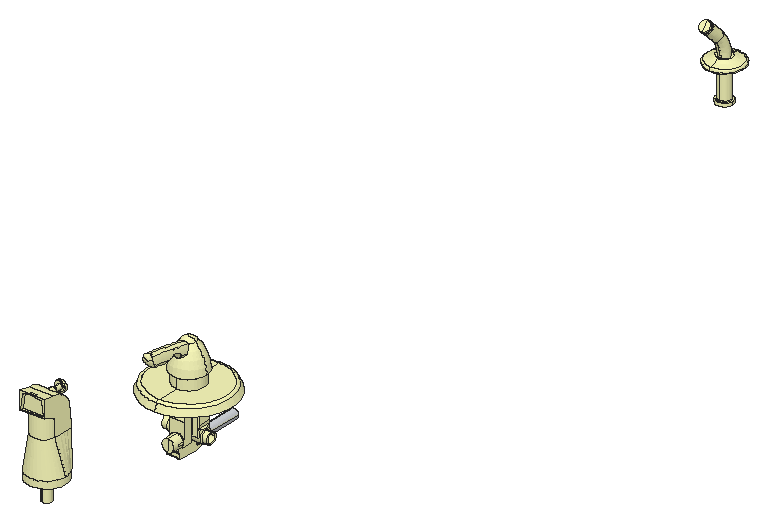
Revit family "9602-PLR", category Plumbing Fixtures, host Face, Revit 2019
Family settings
  Host = Face
  Round Connector Dimension = Use Diameter
  Part Type = Normal
  OmniClass Number = 23.65.70.11.11
  OmniClass Title = Fixtures for Liquids
  Cut with Voids When Loaded = No
  Shared = No
  Room Calculation Point = No
Parameters (values of type "2.0 GPM Flow Restrictor, Satin Nickel")
  z Wide Lever [instance] = 0
  z Visibility [instance] = yes
  z Valve [instance] = Shower_System_Valve-Symmons-Dia-Shower : Chrome
  z Type Model [instance] = 0
  z Type GPM = 0
  z Type Finish [instance] = 0
  z Type [instance] = 0
  z Slip On Tub [instance] = 0
  z Showerhead [instance] = Showerhead-Symmons-Dia_Single_Mode : Chrome
  z Reverse Core [instance] = 0
  z Pipe Radius [instance] = 0.000"
  z Overall Height [instance] = 0.000"
  z Overall Depth [instance] = 0.000"
  z Offset [instance] = 0.000"
  z Integral Service Stops [instance] = 0
  z Has Wide Lever Handle [instance] = yes
  z Has Volume Control [instance] = yes
  z Has Trim = no
  z Has Slip On Tub Spout [instance] = yes
  z Has Showerhead [instance] = yes
  z Has Reverse Core [instance] = yes
  z Has Rebuild Kit Trim Only = no
  z Has Integral Service Stops [instance] = yes
  z Has Check Stops [instance] = yes
  z Has 2.0 GPM Flow Restrictor [instance] = yes
  z Has 1.5 GPM Flow Restrictor [instance] = yes
  z Has .5 Inch Female Connections = yes
  z GPM Number = 0
  z GPM GPM = 0.000 GPM
  z Flow Rate [instance] = 0
  z Error Box Width [instance] = 0.000"
  z Error Box Height [instance] = 0.000"
  z Error Box Depth [instance] = 0.000"
  z .5 Inch Female Connections [instance] = 0
  z  Showerhead [instance] = 0
  Waste Connection = no
  Vent Connection = no
  URL = ""
  Product Material = Nickel - Symmons - Satin
  Model number = "L1"  # constant formula
  Model = ""
  Manufacturer = ""
  HW Connection = no
  Gallons Per Minute = 2.000 GPM
  Description = ""
  Default Elevation = 0.000"
  Date Modified = ""
  Date Created = ""
  CW Connection = no
Reference planes (in)
  plane 1 "Center (Front/Back)": y = 0
  plane 2 "Center (Elevation)": z = 0
  plane 3 "Center (Left/Right)": x = 0
  plane 4: x = -3.75
  plane 5: y = 28.5
  plane 6: x = 3.75
  plane 7: z = 0
  plane 8: z = 9.325
  plane 9: y = -12
  plane 10: y = 45
  plane 11: z = 0
Forms (in)
  Extrusion 1, void
    sketch origin (1.5, 3.69013, -2.3792) x (0, 1, 0) y (0, 0, 1)
      loop
        circle (0, 0.0065) r 0.32942
    from -0.00649 to -3.00649
Dimensions and locks (in)
  equal spacing: plane 4, plane 3 "Center (Left/Right)", plane 6
  plane 4 to plane 6 = 7.500"
  plane 5 to plane 1 "Center (Front/Back)" = 28.500"
  plane 7 to plane 2 "Center (Elevation)" = 0.000"
  plane 8 to plane 7 = 9.325"
  locked: plane 1 "Center (Front/Back)" to plane 9 at 12
  locked: plane 10 to plane 1 "Center (Front/Back)" at 45
  plane 11 to plane 7 = 0.000"
  plane 10 to plane 9 = 57.000"
  aligned and locked: plane 2 "Center (Elevation)" to host face
  aligned and locked: level to host face
Automatic sketch dimensions
  host sketch curve to host sketch curve = 7.44425"
  host sketch curve to host sketch curve = 60.71207"
  Extrusion 1 sketch curve to Extrusion 1 sketch curve = 0.000"  (x2)
  Extrusion 1 sketch curve to plane 1 "Center (Front/Back)" = 3.69013"
  Extrusion 1 sketch curve to level = 2.3727"
  Extrusion 1 sketch curve to Extrusion 1 sketch curve = 0.32942"
Nested families (in)
  nested 1: "Shower Head" at (0, 48.73453, 0), type "Chrome"
    with z Pipe Radius 0.250", z Overall Width 2.500", z Overall Height 2.500", z Overall Depth 7.500", z Offset 1.000", Part Number "", Part Description "Single Mode Showerhead, 2.0 Flow Rate Restrictor, Chrome", Equipment Number "", z Type GPM 2, z Type Flow Restrictor 1, z Type Finish 1, z GPM Number 2, z GPM GPM 1.000 GPM, Gallons Per Minute 2.000 GPM, Default Elevation 77.000"
  nested 2: "M Valve&diverter" at (-0.00649, 3.69117, 0), type "Satin Nickel"
    with zz Length 9 4.000", zz Length 10 0.100", Part Number "3500-CYL-B", Part Description "Shower Valve System with Symmons Temptrol mixing valve,Chrome", Equipment Number ""
  nested 3: "faucet" at (0, -8.26, 0), type "Satin Nickel"
    with zz Length 9 0.000", zz Length 10 0.100", Part Number "", Part Description "Shower Valve System with Symmons Temptrol mixing valve,Chrome", Equipment Number ""
Connectors (in)
  piping at (1.49351, 3.69013, -2.3727), diameter 0.5
    settings: on Extrusion 1, index 1, connector inside diameter 24", connector length 0.000", flow factor 0, pipe flow 0.000 GPM, pressure drop 0.00 psi, fitting loss kfactor 0, connector angle 0.000°, fixture units 0, engagement length 0.000", angle of deflection 0.000°, flow configuration 0, flow direction 0, fitting loss method 0, system type 19, joint type 0, gender type 0, connector reference index -1, connector utility 0, adjustable connector no, is connector primary yes, connector description "Hot Water Supply"
  piping at (-0.06456, 7.44117, -3.0625), diameter 0.6
    settings: on nested 2, index 2, connector inside diameter 24", connector length 0.000", flow factor 0, pipe flow 0.000 GPM, pressure drop 0.00 psi, fitting loss kfactor 0, connector angle 0.000°, fixture units 0, engagement length 0.000", angle of deflection 0.000°, flow configuration 0, flow direction 0, fitting loss method 0, system type 29, joint type 0, gender type 0, connector reference index -1, connector utility 0, adjustable connector no, is connector primary no, connector description "Shower Head Supply"
  piping at (0, 48.73453, -2.375), diameter 0.5
    settings: on nested 1, index 3, connector inside diameter 24", connector length 0.000", flow factor 0, pipe flow 0.000 GPM, pressure drop 0.00 psi, fitting loss kfactor 0, connector angle 0.000°, fixture units 0, engagement length 0.000", angle of deflection 0.000°, flow configuration 0, flow direction 0, fitting loss method 0, system type 29, joint type 0, gender type 0, connector reference index -1, connector utility 0, adjustable connector no, is connector primary no, connector description "Shower Head Supply"
  piping at (0, -8.26, -1.36414), diameter 0.5
    settings: on nested 3, index 4, connector inside diameter 24", connector length 0.000", flow factor 0, pipe flow 0.000 GPM, pressure drop 0.00 psi, fitting loss kfactor 0, connector angle 0.000°, fixture units 0, engagement length 0.000", angle of deflection 0.000°, flow configuration 0, flow direction 0, fitting loss method 0, system type 29, joint type 0, gender type 0, connector reference index -1, connector utility 0, adjustable connector no, is connector primary no, connector description "Faucet Supply"
  piping at (-0.00649, 1.93917, -2.59375), diameter 0.5
    settings: on nested 2, index 5, connector inside diameter 24", connector length 0.000", flow factor 0, pipe flow 0.000 GPM, pressure drop 0.00 psi, fitting loss kfactor 0, connector angle 0.000°, fixture units 0, engagement length 0.000", angle of deflection 0.000°, flow configuration 0, flow direction 0, fitting loss method 0, system type 29, joint type 0, gender type 0, connector reference index -1, connector utility 0, adjustable connector no, is connector primary no, connector description "Faucet Supply"
  piping at (-1.50649, 3.69013, -2.3727), diameter 0.5
    settings: on Extrusion 1, index 6, connector inside diameter 24", connector length 0.000", flow factor 0, pipe flow 0.000 GPM, pressure drop 0.00 psi, fitting loss kfactor 0, connector angle 0.000°, fixture units 0, engagement length 0.000", angle of deflection 0.000°, flow configuration 0, flow direction 0, fitting loss method 0, system type 20, joint type 0, gender type 0, connector reference index -1, connector utility 0, adjustable connector no, is connector primary no, connector description "Cold Water Supply"
Definition of nested family "Shower Head"
  Parameters (values of type "Satin Nickel")
    z Type GPM = 0
    z Type Flow Restrictor = 0
    z Type Finish = 0
    z Pipe Radius [instance] = 0.250"
    z Overall Width [instance] = 2.500"
    z Overall Height [instance] = 2.500"
    z Overall Depth [instance] = 7.500"
    z Offset [instance] = 1.000"
    z GPM Number = 0
    z GPM GPM = 0.000 GPM
    URL = ""
    Product Page URL = ""
    Product Material = none
    Product Documentation Link = ""
    Part Number [instance] = ""
    Part Description [instance] = ""
    Model Disclaimer = ""
    Model = ""
    Manufacturer = ""
    Gallons Per Minute = 0.000 GPM
    Family Version = ""
    Equipment Number [instance] = ""
    Equipment Abbreviation = ""
    Description = ""
    Default Elevation = 0.000"
    Date Modified = ""
    Date Created = ""
    Copyright = ""
  Types (2): name | z Pipe Radius
    Satin Nickel | 0.250"
    Polished Chrome | 0.000"
  Reference planes (in)
    plane 1 "Center (Front/Back)": y = 0
    plane 2 "Center (Elevation)": z = 0
    plane 3 "Center (Left/Right)": x = 0
    plane 4: x = -1.25
    plane 5: y = 1.25
    plane 6: y = -1.25
    plane 7: x = 1.25
    plane 8: z = -1
    plane 9: z = 6.5
    plane 10: z = 0
    plane 11: y = -0.5
    plane 12: z = 0.33234
    plane 13: z = 0.15
    plane 14: y = -0.5695
  Forms (in)
    Extrusion 1, solid
      sketch origin (0, 0, 0) x (1, 0, 0) y (0, 1, 0)
        loop
          line (-1.75, 1.5) -> (-1.75, -1.77927) -> (1.52741, -1.77927) -> (1.52741, 1.5) -> (-1.75, 1.5)
      from 0 to -0.35383
    Revolve 2, solid, material <- "Product Material"
      sketch origin (0, 0, 0) x (0, 1, 0) y (0, 0, 1)
        loop
          line (0, 0.43) -> (-0.531, 0.43)
          arc (-0.531, 0.43) -> (-0.83077, 0.27718) -> (-1.152, 0.17705) r 1.98967
          arc (-1.152, 0.17705) -> (-1.22247, 0.13328) -> (-1.25, 0.05503) r 0.12497
          line (-1.25, 0.05503) -> (-1.25, 0) -> (-0.40524, 0) -> (-0.40524, -2.0983) -> (-0.37019, -2.11854) -> (-0.40524, -2.1364) -> (-0.40524, -2.16734) -> (-0.37033, -2.1875) -> (0, -2.1875) -> (0, 0.43)
        axis (0, -2.1875) -> (0, 0.43)
      angle from 0 to 360
    Revolve 3, solid, material <- "Product Material"
      sketch origin (0, 0, 0) x (0, 1, 0) y (0, 0, 1)
        loop
          line (-1.44893, 2.69442) -> (-1.6442, 2.88969) -> (-1.89454, 2.63935) -> (-1.87235, 2.61716) -> (-1.82752, 2.62669) -> (-1.83901, 2.58382) -> (-1.81725, 2.56206) -> (-1.77241, 2.57159) -> (-1.7839, 2.52871) -> (-1.76214, 2.50695) -> (-1.71927, 2.51844) -> (-1.73075, 2.47556) -> (-1.69927, 2.44408) -> (-1.44893, 2.69442)
        axis (-1.6442, 2.88969) -> (-1.44893, 2.69442)
      angle from 0 to 360
    Sweep 4, solid, material <- "Product Material"
      path origin (0, 0, 0) x (0, 1, 0) y (0, 0, 1)
        loop
          line (-1.4794, 2.72506) -> (-0.65089, 1.89655)
          arc (-0.65089, 1.89655) -> (-0.1891, 1.22379) -> (0, 0.43) r 2.23181
      profile origin (0, -1.06515, 2.3108) x (0, 0.707107, 0.707107) y (1, 0, 0)
        loop
          circle (-0.00012, 0) r 0.35413
    Extrusion 5, solid, material <- "Product Material"
      sketch origin (0, 0, 0) x (1, 0, 0) y (0, 1, 0)
        loop
          circle (0, 0) r 0.40524
        loop
          circle (0, 0) r 0.54462
      from -2.375 to -2.1875
  Lines and regions (in)
    Masking region 1
      outline origin (0, 0, 0) x (1, 0, 0) y (0, 0, 1)
        loop
          line (-1.25, 0) -> (-0.5, 0) -> (-0.5, -1) -> (0.5, -1) -> (0.5, 0) -> (1.25, 0) -> (1.25, 0.14959) -> (0.5695, 0.33234) -> (0.5, 0.33234) -> (0.5, 6.26256)
          spline (0.5, 6.26256) -> (0.53792, 6.27801) -> (0.5732, 6.29456) -> (0.60567, 6.31211) -> (0.63516, 6.33059) -> (0.66153, 6.3499) -> (0.68465, 6.36995) -> (0.70441, 6.39063) -> (0.72072, 6.41185) -> (0.73348, 6.43351) -> (0.74264, 6.45549) -> (0.74816, 6.47769) -> (0.75, 6.5)
          line (0.75, 6.5) -> (0.75, 7.07479) -> (1.25, 7.36347) -> (1.49591, 7.60938) -> (1.49591, 8.60938)
          spline (1.49591, 8.60938) -> (1.44494, 8.76866) -> (1.2955, 8.91709) -> (1.05777, 9.04454) -> (0.74795, 9.14235) -> (0.38717, 9.20383) -> (0, 9.2248) -> (-0.38717, 9.20383) -> (-0.74795, 9.14235) -> (-1.05777, 9.04454) -> (-1.2955, 8.91709) -> (-1.44494, 8.76866) -> (-1.49591, 8.60938)
          line (-1.49591, 8.60938) -> (-1.49591, 7.60938) -> (-1.25, 7.36347) -> (-0.75, 7.07479) -> (-0.75, 6.5)
          spline (-0.75, 6.5) -> (-0.74816, 6.47769) -> (-0.74264, 6.45549) -> (-0.73348, 6.43351) -> (-0.72072, 6.41185) -> (-0.70441, 6.39063) -> (-0.68465, 6.36995) -> (-0.66153, 6.3499) -> (-0.63516, 6.33059) -> (-0.60567, 6.31211) -> (-0.5732, 6.29456) -> (-0.53792, 6.27801) -> (-0.5, 6.26256)
          line (-0.5, 6.26256) -> (-0.5, 0.33234) -> (-0.5695, 0.33234) -> (-1.25, 0.14959) -> (-1.25, 0)
    symbolic lines, detail levels fine
      curve 1: line (-0.5, 0, 0.33234) -> (0.5, 0, 0.33234)
      curve 2: line (-1.25, 0, 0.14959) -> (1.25, 0, 0.14959)
      curve 3: spline (-0.5, 0, 6.26256) -> (-0.67885, 0, 6.36457) -> (-0.74948, 0, 6.48818) -> (-0.70063, 0, 6.61367) -> (-0.54008, 0, 6.72104) -> (-0.29343, 0, 6.79317) -> (0, 0, 6.81857) -> (0.29343, 0, 6.79317) -> (0.54008, 0, 6.72104) -> (0.70063, 0, 6.61367) -> (0.74948, 0, 6.48818) -> (0.67885, 0, 6.36457) -> (0.5, 0, 6.26256)
      curve 4: spline (-1.49591, 1.25, 7.60938) -> (-1.44494, 1.25, 7.80085) -> (-1.2955, 1.25, 7.97927) -> (-1.05777, 1.25, 8.13249) -> (-0.74795, 1.25, 8.25006) -> (-0.38717, 1.25, 8.32397) -> (0, 1.25, 8.34917) -> (0.38717, 1.25, 8.32397) -> (0.74795, 1.25, 8.25006) -> (1.05777, 1.25, 8.13249) -> (1.2955, 1.25, 7.97927) -> (1.44494, 1.25, 7.80085) -> (1.49591, 1.25, 7.60938)
      curve 5: spline (-0.5, 1.25, 6.5) -> (-0.48296, 1.25, 6.55497) -> (-0.43301, 1.25, 6.60619) -> (-0.35355, 1.25, 6.65017) -> (-0.25, 1.25, 6.68392) -> (-0.12941, 1.25, 6.70514) -> (0, 1.25, 6.71238) -> (0.12941, 1.25, 6.70514) -> (0.25, 1.25, 6.68392) -> (0.35355, 1.25, 6.65017) -> (0.43301, 1.25, 6.60619) -> (0.48296, 1.25, 6.55497) -> (0.5, 1.25, 6.5)
      curve 6: line (-0.5, 1.25, 6.5) -> (-0.5, 1.25, 6.26256)
      curve 7: line (0.5, 1.25, 6.5) -> (0.5, 1.25, 6.26256)
  Dimensions and locks (in)
    equal spacing: plane 4, plane 3 "Center (Left/Right)", plane 7
    "z Overall Width": plane 4 to plane 7
    equal spacing: plane 5, plane 1 "Center (Front/Back)", plane 6
    "z Overall Height": plane 5 to plane 6
    "z Overall Depth": plane 9 to plane 8
    plane 12 to plane 13 to plane 10 to plane 8 = 0.18234" locked, 0.150" locked, 1.000" locked
    plane 6 to plane 14 to plane 11 = 0.6805" locked, 0.0695" locked
    "z Offset": plane 2 "Center (Elevation)" to plane 8
    Masking region 1 sketch curve to Masking region 1 sketch curve to Masking region 1 sketch curve to Masking region 1 sketch curve to Masking region 1 sketch curve to plane 3 "Center (Left/Right)" to Masking region 1 sketch curve to Masking region 1 sketch curve to Masking region 1 sketch curve to Masking region 1 sketch curve to Masking region 1 sketch curve = 0.74591" locked, 0.1805" locked, 0.0695" locked, 0.000" locked, 0.500" locked, 0.500" locked, 0.000" locked, 0.0695" locked, 0.1805" locked, 0.74591" locked
    Masking region 1 sketch curve to Masking region 1 sketch curve to plane 2 "Center (Elevation)" = 0.000" locked, 0.33234" locked
    locked: curve 2 to plane 8 at 1.14959
    equal spacing: curve 1, plane 3 "Center (Left/Right)", curve 1
    locked: curve 1 to curve 1 at 1
    locked: curve 1 to plane 8 at 1.33234
    equal spacing: curve 3, plane 3 "Center (Left/Right)", curve 3
    locked: curve 3 to curve 3 at 1
    locked: curve 4 to plane 9 at 1.10938
    equal spacing: curve 4, plane 3 "Center (Left/Right)", curve 4
    locked: curve 4 to curve 4 at 2.99182
    curve 4 to curve 4 to plane 9 = 0.000" locked, 1.10938" locked
    Masking region 1 sketch curve to plane 9 to Masking region 1 sketch curve to Masking region 1 sketch curve to Masking region 1 sketch curve = 0.000" locked, 0.000" locked, 0.23744" locked, 0.000" locked
    plane 9 to curve 6 to curve 7 = 0.23744" locked, 0.000" locked
    aligned and locked: plane 2 "Center (Elevation)" to Extrusion 1
    aligned and locked: level to Extrusion 1
    aligned and locked: Revolve 2 sketch curve to plane 1 "Center (Front/Back)"
    aligned and locked: Masking region 1 sketch curve to plane 8
    aligned and locked: Masking region 1 sketch curve to plane 2 "Center (Elevation)"  (x2)
    aligned and locked: plane 7 to curve 2
    aligned and locked: plane 4 to curve 2
    aligned and locked: plane 9 to Masking region 1 sketch curve  (x2)
    aligned and locked: plane 3 "Center (Left/Right)" to Masking region 1 sketch curve  (x2)
    aligned and locked: plane 9 to curve 5  (x2)
    aligned and locked: plane 3 "Center (Left/Right)" to curve 5
    aligned and locked: plane 9 to curve 6
  Automatic sketch dimensions
    Extrusion 1 sketch curve to Extrusion 1 sketch curve = 3.27741"
    Extrusion 1 sketch curve to Extrusion 1 sketch curve = 3.27927"
    Masking region 1 sketch curve to plane 4 = 0.000"  (x2)
    Masking region 1 sketch curve to plane 7 = 0.000"  (x2)
    Masking region 1 sketch curve to Masking region 1 sketch curve = 0.14959"  (x2)
    Masking region 1 sketch curve to Masking region 1 sketch curve = 0.57479"  (x2)
    Masking region 1 sketch curve to Masking region 1 sketch curve = 0.28868"  (x2)
    Masking region 1 sketch curve to Masking region 1 sketch curve = 0.24591"  (x2)
    Masking region 1 sketch curve to Masking region 1 sketch curve = 1.000"
    curve 3 to plane 9 = 0.000"
    curve 3 to plane 3 "Center (Left/Right)" = 0.000"
    curve 3 to curve 3 = 0.250"
    curve 5 to curve 5 = 0.500"
    curve 3 to plane 9 = 0.23744"
    Revolve 2 sketch curve to level = 0.000"
    Revolve 2 sketch curve to plane 6 = 0.000"
    Revolve 2 sketch curve to plane 1 "Center (Front/Back)" = 0.000"
    Revolve 2 sketch curve to plane 6 = 0.33133"
    level to Revolve 2 sketch curve = 0.05503"
    plane 6 to Revolve 2 sketch curve = 0.12497"
    Revolve 2 sketch curve to plane 11 = 0.031"
    plane 11 to Revolve 2 sketch curve = 0.09476"
    Revolve 2 sketch curve to Revolve 2 sketch curve = 0.000"
    Revolve 2 sketch curve to Revolve 2 sketch curve = 0.03491"
    Revolve 2 sketch curve to plane 8 = 1.0983"
    Revolve 2 sketch curve to Revolve 2 sketch curve = 0.02016"
    plane 12 to Revolve 2 sketch curve = 0.09766"
    plane 12 to Revolve 2 sketch curve = 1.78751"
    Revolve 2 sketch curve to Revolve 2 sketch curve = 0.03505"
    Revolve 2 sketch curve to Revolve 2 sketch curve = 0.02024"
    Revolve 2 sketch curve to Revolve 2 sketch curve = 0.03095"
    Revolve 2 sketch curve to Revolve 2 sketch curve = 21.8125"
    plane 9 to Revolve 2 sketch curve = 79.77586"
    Revolve 2 sketch curve to Revolve 2 sketch curve = 0.03809"
    Sweep 4 sketch curve to plane 1 "Center (Front/Back)" = 0.000"
    level to Sweep 4 sketch curve = 0.31842"
    Sweep 4 sketch curve to plane 6 = 0.97902"
    plane 6 to Sweep 4 sketch curve = 0.59911"
    Sweep 4 sketch curve to plane 6 = 0.2294"
    level to Sweep 4 sketch curve = 0.430"
    Sweep 4 sketch curve to Sweep 4 sketch curve = 0.82851"
    Sweep 4 sketch curve to plane 3 "Center (Left/Right)" = 0.000"
    profile plane to Sweep 4 sketch curve = 0.00012"
    Sweep 4 sketch curve to Sweep 4 sketch curve = 0.35413"
    Extrusion 5 sketch curve to Extrusion 5 sketch curve = 0.000"  (x2)
    plane 1 "Center (Front/Back)" to Extrusion 5 sketch curve = 0.000"
    Extrusion 5 sketch curve to plane 3 "Center (Left/Right)" = 0.000"
    Revolve 3 sketch curve to plane 6 = 0.64454"
    Revolve 3 sketch curve to Revolve 3 sketch curve = 0.02219"
    Revolve 3 sketch curve to Revolve 3 sketch curve = 0.03334"  (x3)
    Revolve 3 sketch curve to Revolve 3 sketch curve = 0.01149"  (x3)
    Revolve 3 sketch curve to Revolve 3 sketch curve = 0.02176"  (x4)
    Revolve 3 sketch curve to Revolve 3 sketch curve = 0.03139"  (x2)
    Revolve 3 sketch curve to Revolve 3 sketch curve = 0.03148"  (x2)
    Revolve 3 sketch curve to Revolve 3 sketch curve = 0.18332"
    Revolve 3 sketch curve to plane 6 = 0.19893"
    level to Revolve 3 sketch curve = 2.44408"
    Revolve 3 sketch curve to Revolve 3 sketch curve = 0.04287"  (x3)
    Revolve 3 sketch curve to Revolve 3 sketch curve = 0.000"  (x4)
    radius of Extrusion 5 sketch curve = 0.40524"
    radius of Extrusion 5 sketch curve = 0.54462"
  Connectors (in)
    piping at (0, 0, -2.375), diameter 1
      settings: on Extrusion 5, index 1, connector inside diameter 24", connector length 0.000", flow factor 0, pipe flow 0.000 GPM, pressure drop 0.00 psi, fitting loss kfactor 0, connector angle 0.000°, fixture units 0, engagement length 0.000", angle of deflection 0.000°, flow configuration 0, flow direction 1, fitting loss method 0, system type 29, joint type 0, gender type 0, connector reference index -1, connector utility 0, adjustable connector no, is connector primary yes, connector description ""
Definition of nested family "M Valve&diverter"
  Parameters (values of type "Chrome")
    zz Text 2 = "None Selected"
    zz Text 1 = "None Selected"
    zz Length 9 [instance] = 4.000"  # constant formula
    zz Length 10 [instance] = 0.100"
    URL = ""
    Product Page URL = ""
    Product Material = none
    Product Documentation Link = ""
    Part Number [instance] = ""
    Part Description [instance] = ""
    Model Disclaimer = ""
    Model = ""
    Manufacturer = ""
    Family Version = ""
    Equipment Number [instance] = ""
    Equipment Abbreviation = ""
    Description = ""
    Default Elevation = 0.000"  # constant formula
    Date Modified = ""
    Date Created = ""
    Copyright = ""
  Types (2): name | URL | Product Page URL | Product Documentation Link | Part Number | Part Description | Model Disclaimer | Model | Manufacturer | Family Version | Equipment Abbreviation | Description | Date Modified | Date Created | Copyright
    Chrome | "" | "" | "" | "" | "" | "" | "" | "" | "" | "" | "" | "" | "" | ""
    Satin Nickel | "http://www.symmons.com/" | "http://www.symmons.com/Bathroom-Products/Dia/Symmons-Dia-Shower-Valve-3500-CYL-B.aspx" | "http://www.symmons.com/~/media/Files/Symmons/Products/Dia/3500CYL_Dia_sub.pdf" | "3500-CYL-B" | "Shower Valve System with Symmons Temptrol mixing valve,Chrome" | "Contact Symmons Industries, Inc. For More Information" | "3500-CYL-B" | "Symmons Industries, Inc." | "1.0" | "SVS" | "Shower Valve System with Symmons Temptrol mixing valve,Chrome" | "January 30, 2015" | "January 30, 2015" | "©2015 Symmons Industries, Inc."
  Reference planes (in)
    plane 1 "Center (Front/Back)": y = 0
    plane 2 "Center (Elevation)": z = 0
    plane 3 "Center (Left/Right)": x = 0
    plane 4: x = -16
    plane 5: y = 3.75
    plane 6: y = -3.75
    plane 7: x = 16
    plane 8: z = 0
    plane 9: x = 3.25
    plane 10: x = -3.25
    plane 11: y = -5.75
  Forms (in)
    Extrusion 1, solid, material <- "Product Material"
      sketch origin (0, 0, 0) x (1, 0, 0) y (0, 1, 0)
        loop
          line (-3.25, 3.75) -> (-3.25, -3.75) -> (3.25, -3.75) -> (3.25, 3.75) -> (-3.25, 3.75)
      from 0 to -0.49403
    Revolve 2, solid, material <- "Product Material"
      sketch origin (0, 0, 0) x (0, 1, 0) y (0, 0, 1)
        loop
          arc (0.78273, -0.21014) -> (0.79592, -0.17085) -> (0.83013, -0.14747) r 0.06513
          arc (0.83013, -0.14747) -> (0.84009, -0.12344) -> (0.84348, -0.09765) r 0.09964
          line (0.84348, -0.09765) -> (0.84348, 0) -> (0, 0) -> (0, -2.3428) -> (0.57152, -2.3428) -> (0.57152, -1.79847)
          arc (0.57152, -1.79847) -> (0.58367, -1.75995) -> (0.61571, -1.73536) r 0.06717
          arc (0.61571, -1.73536) -> (0.64467, -1.71314) -> (0.65565, -1.67832) r 0.06069
          line (0.65565, -1.67832) -> (0.65565, -1.20182)
          arc (0.65565, -1.20182) -> (0.6595, -1.17998) -> (0.67059, -1.16078) r 0.06385
          arc (0.67059, -1.16078) -> (0.68279, -1.13963) -> (0.68703, -1.11559) r 0.07029
          line (0.68703, -1.11559) -> (0.68703, -0.86559)
          arc (0.68703, -0.86559) -> (0.70132, -0.82632) -> (0.72818, -0.79431) r 0.12032
          arc (0.72818, -0.79431) -> (0.74375, -0.77402) -> (0.74929, -0.74906) r 0.05908
          line (0.74929, -0.74906) -> (0.74929, -0.5749)
          arc (0.74929, -0.5749) -> (0.7572, -0.52575) -> (0.78273, -0.48301) r 0.13217
          line (0.78273, -0.48301) -> (0.78273, -0.21014)
        axis (0, 0) -> (0, -2.3428)
      angle from 0 to 360
    Extrusion 3, solid, material <- "Product Material"
      sketch origin (0, 0, 0) x (1, 0, 0) y (0, 1, 0)
        loop
          line (0.48392, 0.42426) -> (0.48392, -0.48198)
          arc (0.48392, -0.48198) -> (0.50866, -0.44973) -> (0.54744, -0.4375) r 0.0676
          line (0.54744, -0.4375) -> (0.91492, -0.4375)
          arc (0.91492, -0.4375) -> (0.98057, -0.42784) -> (1.02672, -0.38015) r 0.10307
          arc (1.02672, -0.38015) -> (1.112, 0) -> (1.02672, 0.38015) r 0.88995
          arc (1.02672, 0.38015) -> (0.97002, 0.41289) -> (0.90554, 0.42426) r 0.18853
          line (0.90554, 0.42426) -> (0.48392, 0.42426)
      from -2.3428 to -0.48301
    Extrusion 4, void
      sketch origin (0, 0, 0) x (1, 0, 0) y (0, 0, 1)
        loop
          arc (1.12128, -0.64291) -> (1.05254, -0.69934) -> (1.02672, -0.78444) r 0.15319
          line (1.02672, -0.78444) -> (1.02672, -1.625) -> (1.00118, -1.76989)
          arc (1.00118, -1.76989) -> (1.0257, -1.88053) -> (1.12128, -1.94142) r 0.14807
          line (1.12128, -1.94142) -> (1.12128, -0.64291)
      from -0.53605 to 0.48198
    Extrusion 5, solid, material <- "Product Material"
      sketch origin (0, 0, 0) x (0, 1, 0) y (0, 0, 1)
        loop
          line (-0.45569, -0.88434) -> (-0.80233, -1.04779)
          arc (-0.80233, -1.04779) -> (-0.93476, -1.17702) -> (-0.98338, -1.35555) r 0.35209
          line (-0.98338, -1.35555) -> (-0.98338, -2.36089)
          arc (-0.98338, -2.36089) -> (-1.01729, -2.59628) -> (-1.11624, -2.81253) r 0.83411
          line (-1.11624, -2.81253) -> (-0.45569, -2.81253) -> (-0.45569, -0.88434)
      from -0.48892 to 0.48392
    Revolve 6, solid, material <- "Product Material"
      sketch origin (0, 0, 0) x (1, 0, 0) y (0, 0, 1)
        loop
          line (-1.5, -2.375) -> (0, -2.375) -> (0, -1.93862) -> (-1.11556, -1.93862) -> (-1.15085, -1.99974) -> (-1.5, -1.99974) -> (-1.5, -2.375)
        axis (-1.5, -2.375) -> (0, -2.375)
      angle from 0 to 360
    Revolve 7, solid, material <- "Product Material"
      sketch origin (0, 0, 0) x (-1, 0, 0) y (0, 0, 1)
        loop
          line (-1.5, -2.375) -> (0, -2.375) -> (0, -1.93862) -> (-1.11556, -1.93862) -> (-1.15085, -1.99974) -> (-1.5, -1.99974) -> (-1.5, -2.375)
        axis (-1.5, -2.375) -> (0, -2.375)
      angle from 0 to 360
    Revolve 8, solid, material <- "Product Material"
      sketch origin (0, 0, 0) x (0, 1, 0) y (0, 0, 1)
        loop
          line (-1.752, -2.59375) -> (-0.9385, -2.59375) -> (-0.92928, -2.10687) -> (-0.9625, -2.10687)
          arc (-0.9625, -2.10687) -> (-0.98073, -2.15089) -> (-1.02475, -2.16912) r 0.06225
          line (-1.02475, -2.16912) -> (-1.752, -2.19419) -> (-1.752, -2.59375)
        axis (-1.752, -2.59375) -> (-0.92928, -2.59375)
      angle from 0 to 360
    Extrusion 9, solid, material <- "Product Material"
      sketch origin (0, 0, 0) x (0, 1, 0) y (0, 0, 1)
        loop
          arc (-1.42289, -3.00473) -> (-1.34077, -3.03875) -> (-1.30675, -3.12087) r 0.11615
          line (-1.30675, -3.12087) -> (-1.30675, -3.38372)
          arc (-1.30675, -3.38372) -> (-1.28934, -3.42574) -> (-1.24732, -3.44315) r 0.05943
          line (-1.24732, -3.44315) -> (0, -3.5)
          arc (0, -3.5) -> (0.14006, -3.49083) -> (0.27481, -3.45154) r 0.64421
          arc (0.27481, -3.45154) -> (0.43086, -3.39856) -> (0.5925, -3.36642) r 1.25845
          line (0.5925, -3.36642) -> (0.5925, -2.61642)
          arc (0.5925, -2.61642) -> (0.48406, -2.62305) -> (0.41944, -2.53572) r 0.11385
          line (0.41944, -2.53572) -> (-1.42289, -2.53572) -> (-1.42289, -3.00473)
      from -0.435 to 0.435
    Revolve 10, solid, material <- "Product Material"
      sketch origin (0, 0, 0) x (0, 1, 0) y (0, 0, 1)
        loop
          line (3.75, -2.7503) -> (1.30968, -2.7503) -> (1.30968, -2.68666) -> (1.28596, -2.66294) -> (0.03673, -2.61932) -> (0.02125, -3.0625) -> (3.75, -3.0625) -> (3.75, -2.7503)
        axis (3.75, -3.0625) -> (0.02125, -3.0625)
      angle from 0 to 360
    Extrusion 11, void
      sketch origin (0, 0, 0) x (0, 1, 0) y (0, 0, 1)
        loop
          circle (0, -2.3685) r 0.32942
      from 1.02672 to 1.55897
    Extrusion 12, void
      sketch origin (0, 0, 0) x (0, 1, 0) y (0, 0, 1)
        loop
          circle (0, -2.3685) r 0.31609
      from -1.52114 to -1.11556
    Extrusion 13, void
      sketch origin (0, 0, 0) x (1, 0, 0) y (0, 0, 1)
        loop
          circle (0, -3.0625) r 0.29035
      from -3.97508 to -1.47369
    Extrusion 14, solid, material <- "Product Material"
      sketch origin (0, 0, 0) x (1, 0, 0) y (0, 1, 0)
        loop
          arc (1.08564, 0.21875) -> (1.02508, 0.24383) -> (1, 0.30439) r 0.08564
          line (1, 0.30439) -> (1, -0.30345)
          arc (1, -0.30345) -> (1.02481, -0.24356) -> (1.0847, -0.21875) r 0.0847
          line (1.0847, -0.21875) -> (1.43326, -0.21875)
          arc (1.43326, -0.21875) -> (1.47484, -0.20186) -> (1.5, -0.16471) r 0.07721
          line (1.5, -0.16471) -> (1.5, 0.15076)
          arc (1.5, 0.15076) -> (1.48008, 0.19883) -> (1.43201, 0.21875) r 0.06799
          line (1.43201, 0.21875) -> (1.08564, 0.21875)
      from -0.65249 to -0.48301
    Extrusion 15, solid, material <- "Product Material"
      sketch origin (0, 0, 0) x (-1, 0, 0) y (0, -1, 0)
        loop
          line (1.08564, -0.21875) -> (1.43201, -0.21875)
          arc (1.43201, -0.21875) -> (1.48008, -0.19883) -> (1.5, -0.15076) r 0.06799
          line (1.5, -0.15076) -> (1.5, 0.16471)
          arc (1.5, 0.16471) -> (1.47484, 0.20186) -> (1.43326, 0.21875) r 0.07721
          line (1.43326, 0.21875) -> (1.0847, 0.21875)
          arc (1.0847, 0.21875) -> (1.02481, 0.24356) -> (1, 0.30345) r 0.0847
          line (1, 0.30345) -> (1, -0.30439)
          arc (1, -0.30439) -> (1.02508, -0.24383) -> (1.08564, -0.21875) r 0.08564
      from -0.65249 to -0.48301
    Extrusion 16, solid, material <- "Product Material", not visible
      sketch origin (1.5, 0, -2.375) x (0, 1, 0) y (0, 0, 1)
        loop
          circle (0, 0) r 0.4
      from -2.74731 to 0
    Extrusion 17, solid
      sketch origin (0, 0, 0) x (1, 0, 0) y (0, 0, 1)
        loop
          circle (0, -3.0625) r 0.3122
      from -3.75 to -1.30968
  Cuts and joins
    Extrusion 4, Extrusion 11, Extrusion 12 cuts Extrusion 3
    Extrusion 11, Extrusion 12 cuts Revolve 2
    Extrusion 11, Extrusion 12, Extrusion 13 cuts Revolve 6
    Extrusion 11, Extrusion 12, Extrusion 13 cuts Revolve 7
    Extrusion 11, Extrusion 12, Extrusion 13 cuts Extrusion 9
    Extrusion 11, Extrusion 12, Extrusion 13 cuts Revolve 10
    Extrusion 13 cuts Revolve 8
  Dimensions and locks (in)
    equal spacing: plane 4, plane 3 "Center (Left/Right)", plane 7, locked at 16 each
    plane 4 to plane 7 = 32.000"
    equal spacing: plane 5, plane 1 "Center (Front/Back)", plane 6
    locked: plane 5 to plane 6 at 7.5
    equal spacing: plane 10, plane 3 "Center (Left/Right)", plane 9
    locked: plane 10 to plane 9 at 6.5
    locked: plane 6 to plane 11 at 2
    aligned and locked: plane 2 "Center (Elevation)" to Extrusion 1
    aligned and locked: level to Extrusion 1
  Automatic sketch dimensions
    Extrusion 1 sketch curve to Extrusion 1 sketch curve = 6.500"
    Extrusion 1 sketch curve to Extrusion 1 sketch curve = 7.500"
    Revolve 2 sketch curve to plane 1 "Center (Front/Back)" = 0.000"  (x2)
    Revolve 2 sketch curve to level = 0.000"  (x2)
    Revolve 2 sketch curve to plane 1 "Center (Front/Back)" = 0.57152"
    Revolve 2 sketch curve to Revolve 2 sketch curve = 0.02344"
    Revolve 2 sketch curve to Revolve 2 sketch curve = 0.02178"
    Revolve 2 sketch curve to Revolve 2 sketch curve = 0.06717"
    Revolve 2 sketch curve to Revolve 2 sketch curve = 0.03891"
    Revolve 2 sketch curve to Revolve 2 sketch curve = 0.07029"
    Revolve 2 sketch curve to Revolve 2 sketch curve = 0.00318"
    Revolve 2 sketch curve to Revolve 2 sketch curve = 0.06385"
    Revolve 2 sketch curve to level = 0.09765"
    Revolve 2 sketch curve to Revolve 2 sketch curve = 0.05364"
    Revolve 2 sketch curve to Revolve 2 sketch curve = 0.05908"
    Revolve 2 sketch curve to Revolve 2 sketch curve = 0.03345"
    Revolve 2 sketch curve to Revolve 2 sketch curve = 0.11849"
    Revolve 2 sketch curve to Revolve 2 sketch curve = 0.09964"
    Revolve 2 sketch curve to Revolve 2 sketch curve = 0.06513"
    Revolve 2 sketch curve to Revolve 2 sketch curve = 0.09866"
    Revolve 2 sketch curve to Revolve 2 sketch curve = 0.11248"
    Revolve 2 sketch curve to Revolve 2 sketch curve = 0.27287"
    Revolve 2 sketch curve to Revolve 2 sketch curve = 0.08794"
    Revolve 2 sketch curve to Revolve 2 sketch curve = 0.17415"
    Revolve 2 sketch curve to Revolve 2 sketch curve = 0.11653"
    Revolve 2 sketch curve to Revolve 2 sketch curve = 0.02089"
    Revolve 2 sketch curve to Revolve 2 sketch curve = 0.250"
    Revolve 2 sketch curve to Revolve 2 sketch curve = 0.08623"
    Revolve 2 sketch curve to Revolve 2 sketch curve = 0.47651"
    Revolve 2 sketch curve to Revolve 2 sketch curve = 0.12015"
    Revolve 2 sketch curve to Revolve 2 sketch curve = 0.54433"
    Revolve 2 sketch curve to Revolve 2 sketch curve = 1.54875"
    plane 1 "Center (Front/Back)" to Extrusion 3 sketch curve = 0.000"
    plane 3 "Center (Left/Right)" to Extrusion 3 sketch curve = 0.22205"
    plane 3 "Center (Left/Right)" to Extrusion 3 sketch curve = 0.48392"
    Extrusion 3 sketch curve to Extrusion 3 sketch curve = 0.06352"
    Extrusion 3 sketch curve to Extrusion 3 sketch curve = 0.42162"
    Extrusion 3 sketch curve to Extrusion 3 sketch curve = 0.36748"
    Extrusion 3 sketch curve to Extrusion 3 sketch curve = 0.01862"
    plane 1 "Center (Front/Back)" to Extrusion 3 sketch curve = 0.33613"
    Extrusion 3 sketch curve to Extrusion 3 sketch curve = 0.10137"
    Extrusion 3 sketch curve to Extrusion 3 sketch curve = 0.04448"
    Extrusion 3 sketch curve to plane 1 "Center (Front/Back)" = 0.23573"
    Extrusion 3 sketch curve to Extrusion 3 sketch curve = 0.18853"
    Extrusion 3 sketch curve to Extrusion 3 sketch curve = 0.12119"
    plane 3 "Center (Left/Right)" to Extrusion 4 sketch curve = 1.00118"
    Extrusion 4 sketch curve to Extrusion 4 sketch curve = 0.02555"
    Extrusion 4 sketch curve to Extrusion 4 sketch curve = 0.12011"
    Extrusion 4 sketch curve to Extrusion 4 sketch curve = 0.14582"  (x2)
    Extrusion 4 sketch curve to Extrusion 4 sketch curve = 0.15319"
    Extrusion 4 sketch curve to level = 1.94142"
    Extrusion 4 sketch curve to Extrusion 4 sketch curve = 0.14489"
    Extrusion 4 sketch curve to level = 0.78444"
    plane 1 "Center (Front/Back)" to Extrusion 5 sketch curve = 1.8175"
    Extrusion 5 sketch curve to Extrusion 5 sketch curve = 0.70126"
    plane 1 "Center (Front/Back)" to Extrusion 5 sketch curve = 0.98338"
    Extrusion 5 sketch curve to Extrusion 5 sketch curve = 0.18106"
    Extrusion 5 sketch curve to Extrusion 5 sketch curve = 0.17103"
    Extrusion 5 sketch curve to Extrusion 5 sketch curve = 0.34663"
    Extrusion 5 sketch curve to level = 2.81253"
    Extrusion 5 sketch curve to Extrusion 5 sketch curve = 1.00534"
    Extrusion 5 sketch curve to Extrusion 5 sketch curve = 0.16345"
    Revolve 6 sketch curve to plane 3 "Center (Left/Right)" = 0.000"  (x2)
    Revolve 6 sketch curve to plane 3 "Center (Left/Right)" = 1.11556"
    Revolve 6 sketch curve to Revolve 6 sketch curve = 0.03529"
    Revolve 6 sketch curve to Revolve 6 sketch curve = 0.34915"
    Revolve 6 sketch curve to level = 2.375"
    Revolve 6 sketch curve to Revolve 6 sketch curve = 0.37526"
    Revolve 6 sketch curve to Revolve 6 sketch curve = 0.43638"
    Revolve 6 sketch curve to Revolve 6 sketch curve = 0.000"  (x2)
    Revolve 7 sketch curve to plane 3 "Center (Left/Right)" = 0.000"  (x2)
    Revolve 7 sketch curve to Revolve 7 sketch curve = 1.11556"
    Revolve 7 sketch curve to Revolve 7 sketch curve = 0.03529"
    Revolve 7 sketch curve to Revolve 7 sketch curve = 0.34915"
    level to Revolve 7 sketch curve = 2.375"
    Revolve 7 sketch curve to Revolve 7 sketch curve = 0.37526"
    Revolve 7 sketch curve to Revolve 7 sketch curve = 0.43638"
    Revolve 7 sketch curve to Revolve 7 sketch curve = 0.000"  (x2)
    Revolve 8 sketch curve to plane 1 "Center (Front/Back)" = 0.000"
    plane 1 "Center (Front/Back)" to Revolve 8 sketch curve = 0.92928"
    Revolve 8 sketch curve to Revolve 8 sketch curve = 0.00922"
    Revolve 8 sketch curve to Revolve 8 sketch curve = 0.03322"
    Revolve 8 sketch curve to Revolve 8 sketch curve = 0.06225"
    Revolve 8 sketch curve to Revolve 8 sketch curve = 0.72725"
    Revolve 8 sketch curve to level = 2.59375"
    Revolve 8 sketch curve to Revolve 8 sketch curve = 0.39956"
    Revolve 8 sketch curve to Revolve 8 sketch curve = 0.42463"
    Revolve 8 sketch curve to Revolve 8 sketch curve = 0.000"  (x2)
    Extrusion 9 sketch curve to plane 1 "Center (Front/Back)" = 0.000"
    plane 1 "Center (Front/Back)" to Extrusion 9 sketch curve = 1.24732"
    Extrusion 9 sketch curve to Extrusion 9 sketch curve = 0.05943"
    Extrusion 9 sketch curve to Extrusion 9 sketch curve = 0.11615"
    Extrusion 9 sketch curve to plane 1 "Center (Front/Back)" = 0.0282"
    Extrusion 9 sketch curve to plane 1 "Center (Front/Back)" = 0.41944"
    Extrusion 9 sketch curve to Extrusion 9 sketch curve = 0.11274"
    Extrusion 9 sketch curve to plane 1 "Center (Front/Back)" = 0.5925"
    Extrusion 9 sketch curve to plane 1 "Center (Front/Back)" = 0.75657"
    Extrusion 9 sketch curve to level = 4.61413"
    Extrusion 9 sketch curve to Extrusion 9 sketch curve = 1.11413"
    Extrusion 9 sketch curve to Extrusion 9 sketch curve = 0.05685"
    Extrusion 9 sketch curve to Extrusion 9 sketch curve = 0.13358"
    Extrusion 9 sketch curve to Extrusion 9 sketch curve = 0.26285"
    Extrusion 9 sketch curve to Extrusion 9 sketch curve = 0.6436"
    Extrusion 9 sketch curve to Extrusion 9 sketch curve = 0.23998"
    Extrusion 9 sketch curve to Extrusion 9 sketch curve = 0.0807"
    Revolve 10 sketch curve to plane 1 "Center (Front/Back)" = 0.000"
    Revolve 10 sketch curve to plane 5 = 0.000"  (x2)
    Revolve 10 sketch curve to plane 1 "Center (Front/Back)" = 0.02125"
    Revolve 10 sketch curve to plane 1 "Center (Front/Back)" = 0.03673"
    Revolve 10 sketch curve to Revolve 10 sketch curve = 1.24924"
    Revolve 10 sketch curve to Revolve 10 sketch curve = 0.02372"  (x2)
    Revolve 10 sketch curve to level = 3.0625"
    Revolve 10 sketch curve to Revolve 10 sketch curve = 0.3122"
    Revolve 10 sketch curve to Revolve 10 sketch curve = 0.06364"
    Revolve 10 sketch curve to Revolve 10 sketch curve = 0.000"
    Extrusion 11 sketch curve to plane 1 "Center (Front/Back)" = 0.000"
    Extrusion 11 sketch curve to level = 2.3685"
    Extrusion 12 sketch curve to plane 1 "Center (Front/Back)" = 0.000"
    Extrusion 12 sketch curve to level = 2.3685"
    Extrusion 13 sketch curve to plane 3 "Center (Left/Right)" = 0.000"
    Extrusion 13 sketch curve to level = 3.0625"
    plane 1 "Center (Front/Back)" to Extrusion 14 sketch curve = 0.30345"
    plane 3 "Center (Left/Right)" to Extrusion 14 sketch curve = 1.000"
    Extrusion 14 sketch curve to Extrusion 14 sketch curve = 0.0847"
    Extrusion 14 sketch curve to Extrusion 14 sketch curve = 0.08564"  (x2)
    Extrusion 14 sketch curve to Extrusion 14 sketch curve = 0.34155"
    Extrusion 14 sketch curve to plane 1 "Center (Front/Back)" = 0.21875"
    Extrusion 14 sketch curve to Extrusion 14 sketch curve = 0.34637"
    Extrusion 14 sketch curve to Extrusion 14 sketch curve = 0.00702"
    Extrusion 14 sketch curve to Extrusion 14 sketch curve = 0.07375"
    Extrusion 14 sketch curve to Extrusion 14 sketch curve = 0.05404"
    Extrusion 14 sketch curve to Extrusion 14 sketch curve = 0.000"
    Extrusion 15 sketch curve to plane 1 "Center (Front/Back)" = 0.30345"
    plane 3 "Center (Left/Right)" to Extrusion 15 sketch curve = 1.000"
    Extrusion 15 sketch curve to Extrusion 15 sketch curve = 0.0847"
    Extrusion 15 sketch curve to Extrusion 15 sketch curve = 0.08564"  (x2)
    Extrusion 15 sketch curve to Extrusion 15 sketch curve = 0.34155"
    plane 1 "Center (Front/Back)" to Extrusion 15 sketch curve = 0.21875"
    Extrusion 15 sketch curve to Extrusion 15 sketch curve = 0.34637"
    Extrusion 15 sketch curve to Extrusion 15 sketch curve = 0.00702"
    Extrusion 15 sketch curve to Extrusion 15 sketch curve = 0.07375"
    Extrusion 15 sketch curve to Extrusion 15 sketch curve = 0.05404"
    Extrusion 15 sketch curve to Extrusion 15 sketch curve = 0.000"
    Extrusion 17 sketch curve to plane 3 "Center (Left/Right)" = 0.000"
    Extrusion 17 sketch curve to level = 3.0625"
    radius of Extrusion 11 sketch curve = 0.32942"
    radius of Extrusion 12 sketch curve = 0.31609"
    radius of Extrusion 13 sketch curve = 0.29035"
    radius of Revolve 7 to Extrusion 16 sketch curve = 0.02474"
    radius of Extrusion 17 sketch curve = 0.3122"
  Nested families (in)
    nested 1: "diverter" at (0, 0, 0), type "Chrome"
      with zz Length 9 0.000", zz Length 10 0.100", Part Number "3500-CYL-B", Part Description "Shower Valve System with Symmons Temptrol mixing valve,Chrome", Equipment Number ""
  Connectors (in)
    piping at (0, -1.752, -2.59375), diameter 0.5
      settings: on cut or joined group of Revolve 8, Extrusion 13, index 3, connector inside diameter 24", connector length 0.000", flow factor 0, pipe flow 0.000 GPM, pressure drop 0.00 psi, fitting loss kfactor 0, connector angle 0.000°, fixture units 0, engagement length 0.000", angle of deflection 0.000°, flow configuration 0, flow direction 0, fitting loss method 0, system type 7, joint type 0, gender type 0, connector reference index -1, connector utility 0, adjustable connector no, is connector primary yes, connector description "Tub Spout Supply"
    piping at (1.5, 0, -2.375), diameter 0.5
      settings: on Extrusion 16, index 4, connector inside diameter 24", connector length 0.000", flow factor 0, pipe flow 0.000 GPM, pressure drop 0.00 psi, fitting loss kfactor 0, connector angle 0.000°, fixture units 0, engagement length 0.000", angle of deflection 0.000°, flow configuration 0, flow direction 0, fitting loss method 0, system type 22, joint type 0, gender type 0, connector reference index -1, connector utility 0, adjustable connector no, is connector primary no, connector description "Cold Water Supply"
    piping at (-1.24731, 0, -2.375), diameter 0.5
      settings: on Extrusion 16, index 5, connector inside diameter 24", connector length 0.000", flow factor 0, pipe flow 0.000 GPM, pressure drop 0.00 psi, fitting loss kfactor 0, connector angle 0.000°, fixture units 0, engagement length 0.000", angle of deflection 0.000°, flow configuration 0, flow direction 0, fitting loss method 0, system type 19, joint type 0, gender type 0, connector reference index -1, connector utility 0, adjustable connector no, is connector primary no, connector description "Hot water supply"
    piping at (0, 3.75, -3.0625), diameter 0.5
      settings: on Extrusion 17, index 6, connector inside diameter 24", connector length 0.000", flow factor 0, pipe flow 0.000 GPM, pressure drop 0.00 psi, fitting loss kfactor 0, connector angle 0.000°, fixture units 0, engagement length 0.000", angle of deflection 0.000°, flow configuration 0, flow direction 0, fitting loss method 0, system type 7, joint type 0, gender type 0, connector reference index -1, connector utility 0, adjustable connector no, is connector primary no, connector description ""
  Definition of nested family "diverter"
    Parameters (values of type "Satin Nickel")
      zz Text 2 = "None Selected"
      zz Text 1 = "None Selected"
      zz Length 9 [instance] = 0.000"  # constant formula
      zz Length 10 [instance] = 0.000"
      Waste Connection = no
      Vent Connection = no
      URL = ""
      Product Page URL = ""
      Product Material = none
      Product Documentation Link = ""
      Part Number [instance] = ""
      Part Description [instance] = ""
      Model Disclaimer = ""
      Model = ""
      Manufacturer = ""
      HW Connection = no
      Family Version = ""
      Equipment Number [instance] = ""
      Equipment Abbreviation = ""
      Description = ""
      Default Elevation = 0.000"  # constant formula
      Date Modified = ""
      Date Created = ""
      Copyright = ""
      CW Connection = no
    Types (2): name
      Polished Chrome
      Satin Nickel
    Reference planes (in)
      plane 1 "Center (Front/Back)": y = 0
      plane 2 "Center (Elevation)": z = 0
      plane 3 "Center (Left/Right)": x = 0
    Forms (in)
      Extrusion 1, solid, material <- "Product Material", not visible
        sketch origin (0, 0, 0) x (1, 0, 0) y (0, 1, 0)
          loop
            line (-3.25, 3.75) -> (-3.25, -3.75) -> (3.25, -3.75) -> (3.25, 3.75) -> (-3.25, 3.75)
        from 0 to -0.49403
      Revolve 2, solid, material <- "Product Material"
        sketch origin (0, 0, 0) x (1, 0, 0) y (0, 0, 1)
          loop
            line (0, 1.32575) -> (0, 3.29294)
            arc (0, 3.29294) -> (-0.26223, 3.22792) -> (-0.46371, 3.04793) r 0.56132
            arc (-0.46371, 3.04793) -> (-0.97637, 2.2511) -> (-1.18004, 1.32575) r 2.68262
            line (-1.18004, 1.32575) -> (0, 1.32575)
          axis (0, 1.32575) -> (0, 3.29294)
        angle from 0 to 360
      Sweep 3, solid, material <- "Product Material"
        path origin (0, 0, 0) x (0, 1, 0) y (0, 0, 1)
          loop
            spline (-3.46104, 3.64859) -> (-2.7314, 3.54557) -> (-2.31762, 3.48227) -> (-2.05814, 3.43692) -> (-1.8128, 3.39104) -> (-1.56301, 3.34459) -> (-1.33191, 3.3037) -> (-1.12101, 3.26778) -> (-0.91375, 3.23067) -> (-0.69389, 3.18625) -> (-0.44827, 3.12911) -> (-0.15184, 3.03897) -> (0.27347, 2.83202)
        profile origin (0, -1.33191, 3.3037) x (0, 0.168931, 0.985628) y (1, 0, 0)
          loop
            arc (-0.82742, 0) -> (-0.75571, -0.21852) -> (-0.58525, -0.37291) r 0.44918
            arc (-0.58525, -0.37291) -> (-0.32566, -0.3437) -> (-0.07626, -0.26597) r 1.3764
            arc (-0.07626, -0.26597) -> (-0.01085, -0.14081) -> (0, 0) r 0.35132
            arc (0, 0) -> (-0.01085, 0.14081) -> (-0.07626, 0.26597) r 0.35132
            arc (-0.07626, 0.26597) -> (-0.32566, 0.3437) -> (-0.58525, 0.37291) r 1.3764
            arc (-0.58525, 0.37291) -> (-0.75571, 0.21852) -> (-0.82742, 0) r 0.44918
      Revolve 4, void
        sketch origin (0, 0, 0) x (0, 1, 0) y (0, 0, 1)
          loop
            arc (-0.95581, 2.28645) -> (-0.96929, 2.34342) -> (-0.98932, 2.39844) r 0.50162
            arc (-0.98932, 2.39844) -> (-1.40662, 2.81321) -> (-1.99486, 2.82526) r 0.79126
            line (-1.99486, 2.82526) -> (-2.55581, 2.71622)
            arc (-2.55581, 2.71622) -> (-2.71348, 2.71297) -> (-2.87024, 2.7302) r 1.21378
            arc (-2.87024, 2.7302) -> (-3.02083, 2.76634) -> (-3.16589, 2.82059) r 1.2673
            arc (-3.16589, 2.82059) -> (-3.37699, 3.01068) -> (-3.43607, 3.28854) r 0.45972
            arc (-3.43607, 3.28854) -> (-3.35265, 3.50817) -> (-3.1716, 3.6579) r 0.45972
            line (-3.1716, 3.6579) -> (-3.86299, 3.76709) -> (-4.02039, 2.77044) -> (-0.95581, 2.28645)
          axis (-0.79841, 3.2831) -> (-3.86299, 3.76709)
        angle from -75.816 to 75.039
      Revolve 5, solid, material <- "Product Material"
        sketch origin (0, 0, 0) x (0, 1, 0) y (0, 0, 1)
          loop
            line (0, 2.22775) -> (-0.16651, 2.22775) -> (-0.20247, 2.19179) -> (-0.20247, 1.69179) -> (-0.2295, 1.66476) -> (-0.2295, 1.57075) -> (-0.33051, 1.57075) -> (-0.33051, 1.45083) -> (-0.37303, 1.40831) -> (-0.37303, 1.37325) -> (-0.40664, 1.37325) -> (-0.48106, 1.29883) -> (-0.50016, 1.26575) -> (-0.96713, 1.26575)
            arc (-0.96713, 1.26575) -> (-1.00171, 1.25143) -> (-1.01603, 1.21685) r 0.0489
            line (-1.01603, 1.21685) -> (-1.01603, 0.54853) -> (-2.52384, 0.54853)
            arc (-2.52384, 0.54853) -> (-2.64884, 0.51387) -> (-2.73813, 0.41977) r 0.2427
            line (-2.73813, 0.41977) -> (-2.90773, 0) -> (-2.75674, 0) -> (-2.59168, 0.40853) -> (0, 0.40853) -> (0, 2.22775)
          axis (0, 2.22775) -> (0, 0)
        angle from 0 to 360
    Cuts and joins
      Revolve 4 cuts Sweep 3
    Dimensions and locks (in)
      aligned and locked: plane 2 "Center (Elevation)" to Extrusion 1
      aligned and locked: level to Extrusion 1
Definition of nested family "faucet"
  Parameters (values of type "Satin Nickel")
    zz Text 2 = "None Selected"
    zz Text 1 = "None Selected"
    zz Length 9 [instance] = 0.000"  # constant formula
    zz Length 10 [instance] = 0.000"
    Waste Connection = no
    Vent Connection = no
    URL = ""
    Product Page URL = ""
    Product Material = none
    Product Documentation Link = ""
    Part Number [instance] = ""
    Part Description [instance] = ""
    Model Disclaimer = ""
    Model = ""
    Manufacturer = ""
    HW Connection = no
    Family Version = ""
    Equipment Number [instance] = ""
    Equipment Abbreviation = ""
    Description = ""
    Default Elevation = 0.000"  # constant formula
    Date Modified = ""
    Date Created = ""
    Copyright = ""
    CW Connection = no
  Types (2): name
    Satin Nickel
    Polished Chrome
  Reference planes (in)
    plane 1 "Center (Front/Back)": y = 0
    plane 2 "Center (Elevation)": z = 0
    plane 3 "Center (Left/Right)": x = 0
    plane 4: x = -16
    plane 5: y = 3.75
    plane 6: y = -3.75
    plane 7: x = 16
    plane 8: z = 0
    plane 9: x = 3.25
    plane 10: x = -3.25
    plane 11: y = -5.75
  Forms (in)
    Extrusion 1, solid, material <- "Product Material"
      sketch origin (0, 0, 0) x (1, 0, 0) y (0, 1, 0)
        loop
          line (-3.25, 3.75) -> (-3.25, -3.75) -> (3.25, -3.75) -> (3.25, 3.75) -> (-3.25, 3.75)
      from 0 to -0.106
    SweptBlend 2, solid, material <- "Product Material"
      path origin (0, 2, 0) x (0, 1, 0) y (0, 0, 1)
        loop
          line (-2, 0.47) -> (-2, 2.85066)
      profile origin (0, 0, 0.47) x (0, -1, 0) y (1, 0, 0)
        loop
          arc (-1.01866, -0.77736) -> (-0.56044, -1.15233) -> (0.01744, -1.28127) r 1.28139
          arc (0.01744, -1.28127) -> (1.28134, -0.01157) -> (0.04057, 1.28075) r 1.28139
          arc (0.04057, 1.28075) -> (-0.54946, 1.15761) -> (-1.01791, 0.77834) r 1.28139
          arc (-1.01791, 0.77834) -> (-1.28139, 0.00062) -> (-1.01866, -0.77736) r 1.28139
      end profile origin (0, 0, 2.85066) x (0, -1, 0) y (1, 0, 0)
        loop
          line (-0.967, -0.80353) -> (0.26748, -0.80251)
          arc (0.26748, -0.80251) -> (1.07774, -0.02824) -> (0.34107, 0.81635) r 0.8111
          line (0.34107, 0.81635) -> (-0.967, 0.81635) -> (-0.967, -0.80353)
    Extrusion 3, solid, material <- "Product Material"
      sketch origin (2.67615, 2, -2.45502) x (0, 1, 0) y (0, 0, 1)
        loop
          line (-1.033, 5.30568) -> (-1.12081, 6.49892)
          arc (-1.12081, 6.49892) -> (-1.51158, 7.44232) -> (-2.45498, 7.83308) r 1.33416
          line (-2.45498, 7.83308) -> (-3.24, 7.9715) -> (-3.24, 6.80502)
          arc (-3.24, 6.80502) -> (-2.32733, 6.31866) -> (-2.11903, 5.30568) r 1.21609
          line (-2.11903, 5.30568) -> (-1.033, 5.30568)
      from -3.47968 to -1.85981
    Extrusion 4, solid, material <- "Product Material"
      sketch origin (0, 2.1875, 0) x (1, 0, 0) y (0, 1, 0)
        loop
          arc (-0.80251, -2.45498) -> (-0.02824, -3.26524) -> (0.81635, -2.52857) r 0.8111
          line (0.81635, -2.52857) -> (0.81635, -2.11075) -> (-0.80353, -2.11075) -> (-0.80251, -2.45498)
      from 2.48443 to 4.402
    Revolve 5, solid, material <- "Product Material"
      sketch origin (0, 2.01577, 0) x (0, 1, 0) y (0, 0, 1)
        loop
          line (-2.32882, -0.13505) -> (-2.32882, -1.36414) -> (-2.26577, -1.36414) -> (-2.26577, -0.13505) -> (-2.32882, -0.13505)
        axis (-2.01577, -0.13505) -> (-2.01577, -1.36414)
      angle from 0 to 360
    Revolve 6, solid, material <- "Product Material"
      sketch origin (0, 2, 0) x (0, 1, 0) y (0, 0, 1)
        loop
          line (-0.75543, 5) -> (-0.78721, 5.3633) -> (-0.89781, 5.3633) -> (-0.93828, 5.32283) -> (-0.93828, 5.15461) -> (-1.404, 5.15461) -> (-1.404, 5.11126)
          arc (-1.404, 5.11126) -> (-1.437, 5.14426) -> (-1.47, 5.11126) r 0.033
          line (-1.47, 5.11126) -> (-1.47, 5.16988)
          arc (-1.47, 5.16988) -> (-1.4835, 5.20247) -> (-1.51608, 5.21596) r 0.04608
          line (-1.51608, 5.21596) -> (-1.92325, 5.21596) -> (-1.92325, 5) -> (-0.75543, 5)
        axis (-1.92325, 5) -> (-0.75543, 5)
      angle from 0 to 360
    Extrusion 7, void
      sketch origin (0, 2, 0) x (1, 0, 0) y (0, 0, 1)
        loop
          line (-0.74978, 4.372) -> (0.74978, 4.372) -> (0.64864, 5.30985)
          arc (0.64864, 5.30985) -> (0.61822, 5.38329) -> (0.54478, 5.41371) r 0.10386
          arc (0.54478, 5.41371) -> (0, 5.48699) -> (-0.54478, 5.41371) r 2.06178
          arc (-0.54478, 5.41371) -> (-0.61822, 5.38329) -> (-0.64864, 5.30985) r 0.10386
          line (-0.64864, 5.30985) -> (-0.74978, 4.372)
      from 3.07242 to 3.50149
    Blend 8, solid, material <- "Product Material"
      base sketch origin (0, 0, 0) x (1, 0, 0) y (0, 1, 0)
        loop
          arc (0.5052, 1.1776) -> (-0.71246, 1.06506) -> (-1.28127, -0.01744) r 1.28139
          arc (-1.28127, -0.01744) -> (0.71246, -1.06506) -> (0.5052, 1.1776) r 1.28139
      top sketch origin (0, 0, 0) x (1, 0, 0) y (0, 1, 0)
        loop
          arc (0.5052, 1.1776) -> (-0.71246, 1.06506) -> (-1.28127, -0.01744) r 1.28139
          arc (-1.28127, -0.01744) -> (0.71246, -1.06506) -> (0.5052, 1.1776) r 1.28139
      from 0 to 0.47
    Extrusion 9, void
      sketch origin (0, 0, -1.36414) x (0, 1, 0) y (-1, 0, 0)
        loop
          circle (0, 0) r 0.25
      from 0 to 0.5
    Extrusion 10, void
      sketch origin (0, 0, 0) x (0, 1, 0) y (0, 0, 1)
        loop
          arc (-1.53446, 4.32899) -> (-0.18548, 3.619) -> (-0.58985, 2.1492) r 1.21609
          line (-0.58985, 2.1492) -> (1.32675, 2.1492) -> (1.32675, 5.1492) -> (-1.53446, 5.1492) -> (-1.53446, 4.32899)
      from -1.20648 to 1.1944
  Cuts and joins
    Extrusion 7, Extrusion 9 cuts Revolve 6
    Extrusion 9 cuts SweptBlend 2
    Extrusion 7, Extrusion 9 cuts Extrusion 3
    Extrusion 9, Extrusion 10 cuts Extrusion 4
    joined: SweptBlend 2, Extrusion 3, Extrusion 4
    Extrusion 9 cuts Revolve 5
    Extrusion 9 cuts Blend 8
  Dimensions and locks (in)
    equal spacing: plane 4, plane 3 "Center (Left/Right)", plane 7, locked at 16 each
    plane 4 to plane 7 = 32.000"
    equal spacing: plane 5, plane 1 "Center (Front/Back)", plane 6
    locked: plane 5 to plane 6 at 7.5
    equal spacing: plane 10, plane 3 "Center (Left/Right)", plane 9
    locked: plane 10 to plane 9 at 6.5
    locked: plane 6 to plane 11 at 2
    aligned and locked: plane 2 "Center (Elevation)" to Extrusion 1
    aligned and locked: level to Extrusion 1
  Automatic sketch dimensions
    Extrusion 1 sketch curve to Extrusion 1 sketch curve = 6.500"
    Extrusion 1 sketch curve to Extrusion 1 sketch curve = 7.500"
    plane 6 to SweptBlend 2 sketch curve = 3.750"
    level to SweptBlend 2 sketch curve = 0.470"
    SweptBlend 2 sketch curve to SweptBlend 2 sketch curve = 2.38066"
    plane 6 to Extrusion 3 sketch curve = 2.4487"
    plane 6 to Extrusion 3 sketch curve = 2.510"
    Extrusion 3 sketch curve to Extrusion 3 sketch curve = 0.78502"
    Extrusion 3 sketch curve to Extrusion 3 sketch curve = 1.18227"
    Extrusion 3 sketch curve to plane 1 "Center (Front/Back)" = 0.87919"
    Extrusion 3 sketch curve to plane 1 "Center (Front/Back)" = 0.967"
    level to Extrusion 3 sketch curve = 2.85066"
    Extrusion 3 sketch curve to Extrusion 3 sketch curve = 0.2848"
    Extrusion 3 sketch curve to Extrusion 3 sketch curve = 1.19324"
    Extrusion 3 sketch curve to Extrusion 3 sketch curve = 0.13842"
    Revolve 6 sketch curve to plane 1 "Center (Front/Back)" = 0.07675"
    Revolve 6 sketch curve to Revolve 6 sketch curve = 0.40717"
    Revolve 6 sketch curve to Revolve 6 sketch curve = 0.04608"
    Revolve 6 sketch curve to Revolve 6 sketch curve = 0.033"
    Revolve 6 sketch curve to Revolve 6 sketch curve = 0.46572"
    Revolve 6 sketch curve to Revolve 6 sketch curve = 0.04047"  (x2)
    Revolve 6 sketch curve to Revolve 6 sketch curve = 0.1106"
    level to Revolve 6 sketch curve = 5.11126"
    Revolve 6 sketch curve to Revolve 6 sketch curve = 0.04334"
    Revolve 6 sketch curve to Revolve 6 sketch curve = 0.05862"
    Revolve 6 sketch curve to Revolve 6 sketch curve = 0.16822"
    Revolve 6 sketch curve to Revolve 6 sketch curve = 0.000"  (x2)
    Revolve 6 sketch curve to Revolve 6 sketch curve = 0.18285"
    Revolve 6 sketch curve to Revolve 6 sketch curve = 0.250"
    Revolve 6 sketch curve to Revolve 6 sketch curve = 0.15461"
    Extrusion 7 sketch curve to plane 3 "Center (Left/Right)" = 0.000"
    Extrusion 7 sketch curve to plane 3 "Center (Left/Right)" = 0.54478"
    Extrusion 7 sketch curve to Extrusion 7 sketch curve = 0.10386"  (x2)
    Extrusion 7 sketch curve to plane 3 "Center (Left/Right)" = 0.74978"
    plane 3 "Center (Left/Right)" to Extrusion 7 sketch curve = 0.54478"
    plane 3 "Center (Left/Right)" to Extrusion 7 sketch curve = 0.74978"
    level to Extrusion 7 sketch curve = 3.4252"
    Extrusion 7 sketch curve to Extrusion 7 sketch curve = 0.9468"
    Extrusion 7 sketch curve to Extrusion 7 sketch curve = 0.93785"
    profile plane to SweptBlend 2 sketch curve = 0.967"
    SweptBlend 2 sketch curve to plane 3 "Center (Left/Right)" = 0.80353"
    SweptBlend 2 sketch curve to profile plane = 0.26748"  (x2)
    plane 3 "Center (Left/Right)" to SweptBlend 2 sketch curve = 0.00859"
    SweptBlend 2 sketch curve to profile plane = 0.34107"
    SweptBlend 2 sketch curve to plane 3 "Center (Left/Right)" = 0.80251"
    SweptBlend 2 sketch curve to plane 3 "Center (Left/Right)" = 0.000"
    SweptBlend 2 sketch curve to profile plane = 0.000"
    SweptBlend 2 sketch curve to SweptBlend 2 sketch curve = 0.000"  (x5)
    SweptBlend 2 sketch curve to plane 3 "Center (Left/Right)" = 0.77736"
    profile plane to SweptBlend 2 sketch curve = 1.01791"
    profile plane to SweptBlend 2 sketch curve = 1.01866"
    SweptBlend 2 sketch curve to profile plane = 0.04057"
    SweptBlend 2 sketch curve to profile plane = 0.01744"
    Blend 8 sketch curve to Blend 8 sketch curve = 0.000"  (x3)
